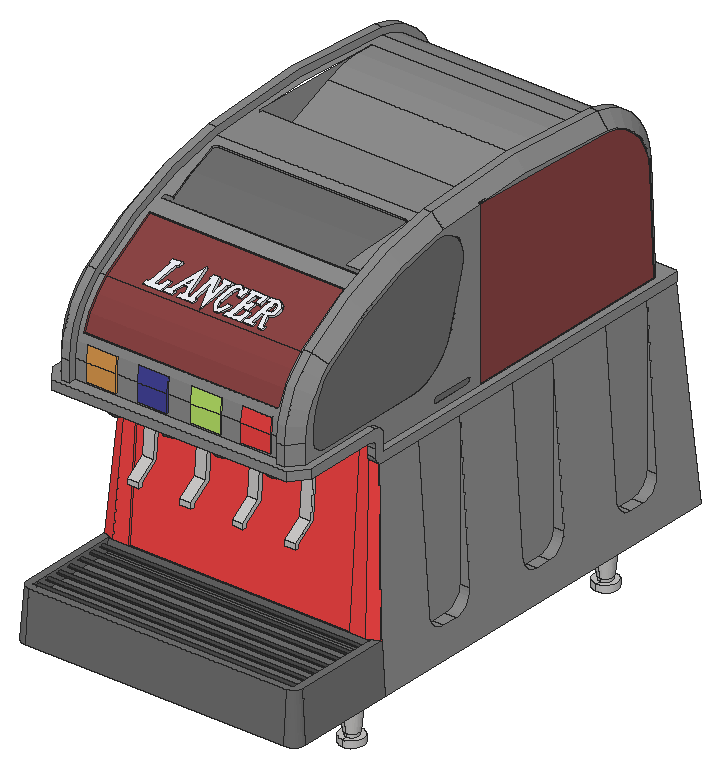
Revit family (continued)
Automatic sketch dimensions
  Split face 10 sketch curve to Split face 10 sketch curve = 0.05138"
  Split face 10 sketch curve to Split face 10 sketch curve = 0.17799"
  Split face 10 sketch curve to Split face 10 sketch curve = 0.38297"
  Split face 10 sketch curve to Split face 10 sketch curve = 0.62782"
  Split face 10 sketch curve to Split face 10 sketch curve = 0.03122"
  Split face 10 sketch curve to Split face 10 sketch curve = 0.11729"
  Split face 10 sketch curve to Split face 10 sketch curve = 0.14554"
  Split face 10 sketch curve to Split face 10 sketch curve = 0.27183"
  Split face 10 sketch curve to Split face 10 sketch curve = 0.00884"
  Split face 10 sketch curve to cut or joined group 1 (Extrusion 16, Sweep 17, Extrusion 18, Extrusion 19, Extrusion 20, Extrusion 21, Extrusion 22, Extrusion 26, Extrusion 27, Extrusion 28) = 4.52403"
  Split face 10 sketch curve to Split face 10 sketch curve = 0.02168"
  Split face 10 sketch curve to Split face 10 sketch curve = 0.12802"
  Split face 10 sketch curve to Split face 10 sketch curve = 0.11988"
  Split face 10 sketch curve to Split face 10 sketch curve = 0.04283"
  Split face 10 sketch curve to Split face 10 sketch curve = 0.32105"
  Split face 10 sketch curve to Split face 10 sketch curve = 0.19605"
  Split face 10 sketch curve to Split face 10 sketch curve = 0.44837"
  Split face 10 sketch curve to Split face 10 sketch curve = 0.29836"
  Split face 10 sketch curve to cut or joined group 1 = 4.3534"
  Split face 10 sketch curve to Split face 10 sketch curve = 0.033"
  Split face 10 sketch curve to Split face 10 sketch curve = 0.17554"
  Split face 10 sketch curve to Split face 10 sketch curve = 0.33232"
  Split face 10 sketch curve to Split face 10 sketch curve = 0.0109"
  Split face 10 sketch curve to cut or joined group 1 = 4.28449"
  Split face 10 sketch curve to Split face 10 sketch curve = 0.32778"
  Split face 10 sketch curve to Split face 10 sketch curve = 0.47246"
  Split face 10 sketch curve to Split face 10 sketch curve = 0.33504"
  Split face 10 sketch curve to Split face 10 sketch curve = 0.46275"
  Split face 10 sketch curve to Split face 10 sketch curve = 0.30456"
  Split face 10 sketch curve to Split face 10 sketch curve = 0.31631"
  Split face 10 sketch curve to Split face 10 sketch curve = 0.11216"
  Split face 10 sketch curve to Split face 10 sketch curve = 0.29744"
  Split face 10 sketch curve to Split face 10 sketch curve = 0.30039"
  Split face 10 sketch curve to Split face 10 sketch curve = 0.16993"
  Split face 10 sketch curve to Split face 10 sketch curve = 0.03616"
  Split face 10 sketch curve to Split face 10 sketch curve = 0.30267"
  Split face 10 sketch curve to Split face 10 sketch curve = 0.09026"
  Split face 10 sketch curve to Split face 10 sketch curve = 0.09036"
  Split face 10 sketch curve to Split face 10 sketch curve = 0.32094"
  Split face 11 sketch curve to cut or joined group 1 = 6.07236"
  Split face 11 sketch curve to Split face 11 sketch curve = 0.11682"
  Split face 11 sketch curve to Split face 11 sketch curve = 0.09973"
  Split face 11 sketch curve to Split face 11 sketch curve = 0.000"  (x10)
  Split face 11 sketch curve to Split face 11 sketch curve = 0.1248"
  Split face 11 sketch curve to Split face 11 sketch curve = 0.37582"
  Split face 11 sketch curve to Split face 11 sketch curve = 0.31794"
  Split face 11 sketch curve to Split face 11 sketch curve = 0.23574"
  Split face 11 sketch curve to Split face 11 sketch curve = 0.07578"
  Split face 11 sketch curve to Split face 11 sketch curve = 0.04367"
  Split face 11 sketch curve to Split face 11 sketch curve = 0.12494"
  Split face 11 sketch curve to Split face 11 sketch curve = 0.13453"
  Split face 11 sketch curve to Split face 11 sketch curve = 0.32706"
  Split face 11 sketch curve to Split face 11 sketch curve = 0.08642"
  Split face 11 sketch curve to Split face 11 sketch curve = 0.22205"
  Split face 11 sketch curve to Split face 11 sketch curve = 0.28024"
  Split face 11 sketch curve to Split face 11 sketch curve = 0.10078"
  Split face 11 sketch curve to Split face 11 sketch curve = 0.04506"
  Split face 11 sketch curve to Split face 11 sketch curve = 0.0492"
  Split face 11 sketch curve to Split face 11 sketch curve = 0.10147"
  Split face 11 sketch curve to Split face 11 sketch curve = 0.01661"
  Split face 11 sketch curve to Split face 11 sketch curve = 0.14309"
  Split face 11 sketch curve to Split face 11 sketch curve = 0.12933"
  Split face 11 sketch curve to Split face 11 sketch curve = 0.30349"
  Split face 11 sketch curve to Split face 11 sketch curve = 0.36985"
  Split face 11 sketch curve to Split face 11 sketch curve = 0.14876"
  Split face 11 sketch curve to Split face 11 sketch curve = 0.16729"
  Split face 11 sketch curve to Split face 11 sketch curve = 0.05507"
  Split face 11 sketch curve to Split face 11 sketch curve = 0.180"
  Split face 11 sketch curve to Split face 11 sketch curve = 0.27115"
  Split face 11 sketch curve to Split face 11 sketch curve = 0.30846"
  Split face 11 sketch curve to cut or joined group 1 = 2.71023"
  Split face 11 sketch curve to Split face 11 sketch curve = 4.08208"
  Split face 11 sketch curve to Split face 11 sketch curve = 0.49379"
  Split face 11 sketch curve to Split face 11 sketch curve = 0.02151"
  Split face 11 sketch curve to cut or joined group 1 = 3.46183"
  Split face 11 sketch curve to Split face 11 sketch curve = 0.00734"
  Split face 11 sketch curve to Split face 11 sketch curve = 0.14037"
  Split face 11 sketch curve to Split face 11 sketch curve = 0.11811"
  Split face 12 sketch curve to cut or joined group 1 = 2.23162"
  Split face 12 sketch curve to Split face 12 sketch curve = 0.12562"
  Split face 12 sketch curve to Split face 12 sketch curve = 0.06784"
  Split face 12 sketch curve to Split face 12 sketch curve = 0.21445"
  Split face 12 sketch curve to Split face 12 sketch curve = 0.30537"
  Split face 12 sketch curve to Split face 12 sketch curve = 0.05139"
  Split face 12 sketch curve to Split face 12 sketch curve = 0.17414"
  Split face 12 sketch curve to Split face 12 sketch curve = 0.23506"
  Split face 12 sketch curve to Split face 12 sketch curve = 0.44116"
  Split face 12 sketch curve to Split face 12 sketch curve = 0.08674"
  Split face 12 sketch curve to Split face 12 sketch curve = 0.10211"
  Split face 12 sketch curve to Split face 12 sketch curve = 0.40379"
  Split face 12 sketch curve to Split face 12 sketch curve = 0.37063"
  Split face 12 sketch curve to Split face 12 sketch curve = 0.44803"
  Split face 12 sketch curve to Split face 12 sketch curve = 0.15954"
  Split face 12 sketch curve to Split face 12 sketch curve = 0.15001"
  Split face 12 sketch curve to Split face 12 sketch curve = 0.3259"
  Split face 12 sketch curve to Split face 12 sketch curve = 0.02662"
  Split face 12 sketch curve to Split face 12 sketch curve = 0.08074"
  Split face 12 sketch curve to cut or joined group 1 = 3.77685"
  Split face 12 sketch curve to Split face 12 sketch curve = 0.03029"
  Split face 12 sketch curve to Split face 12 sketch curve = 0.69754"
  Split face 12 sketch curve to Split face 12 sketch curve = 0.09911"
  Split face 12 sketch curve to Split face 12 sketch curve = 0.11089"
  Split face 12 sketch curve to Split face 12 sketch curve = 0.19732"
  Split face 12 sketch curve to Split face 12 sketch curve = 0.71519"
  Split face 12 sketch curve to Split face 12 sketch curve = 0.51802"
  Split face 12 sketch curve to Split face 12 sketch curve = 0.49055"
  Split face 12 sketch curve to Split face 12 sketch curve = 0.33208"
  Split face 12 sketch curve to Split face 12 sketch curve = 0.10825"
  Split face 12 sketch curve to Split face 12 sketch curve = 0.1582"
  Split face 12 sketch curve to Split face 12 sketch curve = 0.34163"
  Split face 12 sketch curve to Split face 12 sketch curve = 0.15806"
  Split face 12 sketch curve to Split face 12 sketch curve = 0.0331"
  Split face 12 sketch curve to Split face 12 sketch curve = 0.11526"
  Split face 12 sketch curve to Split face 12 sketch curve = 0.31502"
  Split face 12 sketch curve to Split face 12 sketch curve = 0.000"
  Split face 12 sketch curve to Split face 12 sketch curve = 0.26374"
  Split face 12 sketch curve to Split face 12 sketch curve = 0.32373"
  Split face 12 sketch curve to Split face 12 sketch curve = 0.32547"
  Split face 12 sketch curve to Split face 12 sketch curve = 0.32724"
  Split face 12 sketch curve to Split face 12 sketch curve = 0.08101"
  Split face 12 sketch curve to Split face 12 sketch curve = 0.00585"
  Split face 12 sketch curve to Split face 12 sketch curve = 0.1035"
  Split face 12 sketch curve to Split face 12 sketch curve = 0.0546"
  Split face 12 sketch curve to Split face 12 sketch curve = 0.47681"
  Split face 12 sketch curve to Split face 12 sketch curve = 0.80481"
  Split face 12 sketch curve to Split face 12 sketch curve = 0.39246"
  Split face 12 sketch curve to Split face 12 sketch curve = 0.68048"
  Split face 12 sketch curve to Split face 12 sketch curve = 0.06067"
  Split face 12 sketch curve to Split face 12 sketch curve = 0.41118"
  Split face 12 sketch curve to Split face 12 sketch curve = 0.06289"
  Split face 12 sketch curve to Split face 12 sketch curve = 0.0541"
  Split face 12 sketch curve to Split face 12 sketch curve = 0.28906"
  Split face 12 sketch curve to Split face 12 sketch curve = 0.35012"
  Split face 13 sketch curve to cut or joined group 1 = 3.4859"
  Split face 13 sketch curve to Split face 13 sketch curve = 0.27199"
  Split face 13 sketch curve to cut or joined group 1 = 4.58937"
  Split face 13 sketch curve to Split face 13 sketch curve = 0.39365"
  Split face 14 sketch curve to cut or joined group 1 = 0.55633"
  Split face 14 sketch curve to Split face 14 sketch curve = 0.12562"
  Split face 14 sketch curve to Split face 14 sketch curve = 0.11642"
  Split face 14 sketch curve to Split face 14 sketch curve = 0.10968"
  Split face 14 sketch curve to Split face 14 sketch curve = 0.46984"
  Split face 14 sketch curve to cut or joined group 1 = 1.45181"
  Split face 14 sketch curve to Split face 14 sketch curve = 0.09372"
  Split face 14 sketch curve to Split face 14 sketch curve = 0.11271"  (x2)
  Split face 14 sketch curve to Split face 14 sketch curve = 0.22186"
  Split face 14 sketch curve to Split face 14 sketch curve = 0.36174"
  Split face 14 sketch curve to Split face 14 sketch curve = 0.45133"
  Split face 14 sketch curve to Split face 14 sketch curve = 0.10831"
  Split face 14 sketch curve to Split face 14 sketch curve = 0.48592"
  Split face 14 sketch curve to Split face 14 sketch curve = 0.21042"
  Split face 14 sketch curve to Split face 14 sketch curve = 0.11185"
  Split face 14 sketch curve to Split face 14 sketch curve = 0.34523"
  Split face 14 sketch curve to cut or joined group 1 = 3.46183"
  Split face 14 sketch curve to Split face 14 sketch curve = 0.32724"
  Split face 14 sketch curve to Split face 14 sketch curve = 0.000"
  Split face 14 sketch curve to Split face 14 sketch curve = 0.07359"
  Split face 14 sketch curve to Split face 14 sketch curve = 0.24862"
  Split face 14 sketch curve to Split face 14 sketch curve = 0.28215"
  Split face 14 sketch curve to Split face 14 sketch curve = 1.13118"
  Split face 14 sketch curve to Split face 14 sketch curve = 0.01368"
  Split face 14 sketch curve to Split face 14 sketch curve = 0.07659"
  Split face 14 sketch curve to Split face 14 sketch curve = 0.25751"
  Sweep 35 sketch curve to Sweep 35 sketch curve = 1.0363"
  Sweep 35 sketch curve to Sweep 35 sketch curve = 0.43089"
  plane 9 "Base Height" to Sweep 35 sketch curve = 7.24176"
  Sweep 35 sketch curve to Sweep 35 sketch curve = 0.19431"
  Sweep 35 sketch curve to Sweep 35 sketch curve = 0.69899"
  Sweep 35 sketch curve to Sweep 35 sketch curve = 4.29633"
  Sweep 35 sketch curve to profile plane = 0.000"  (x4)
  Sweep 35 sketch curve to Sweep 35 sketch curve = 0.1753"  (x3)
  Sweep 35 sketch curve to profile plane = 0.1753"
  plane 3 "LEFT" to Sweep 35 sketch curve = 3.28396"
  Sweep 35 sketch curve to Sweep 35 sketch curve = 0.600"  (x4)
  Sweep 35 sketch curve to Sweep 35 sketch curve = 2.300"  (x3)
  Extrusion 36 sketch curve to plane 6 "TOP" = 9.46422"
  Extrusion 36 sketch curve to Extrusion 36 sketch curve = 0.000"  (x3)
  Extrusion 36 sketch curve to Extrusion 36 sketch curve = 0.86805"  (x4)
  Revolve 37 sketch curve to Revolve 37 sketch curve = 0.41065"  (x2)
  Revolve 37 sketch curve to plane 6 "TOP" = 10.2228"
  Revolve 37 sketch curve to Revolve 37 sketch curve = 0.98481"
  Revolve 37 sketch curve to Revolve 37 sketch curve = 0.23117"
  Revolve 37 sketch curve to Revolve 37 sketch curve = 0.000"  (x2)
  Revolve 37 sketch curve to Revolve 37 sketch curve = 0.43522"
  Revolve 38 sketch curve to Revolve 38 sketch curve = 0.41065"  (x2)
  Revolve 38 sketch curve to plane 6 "TOP" = 10.2228"
  Revolve 38 sketch curve to Revolve 38 sketch curve = 0.98481"
  Revolve 38 sketch curve to Revolve 38 sketch curve = 0.23117"
  Revolve 38 sketch curve to Revolve 38 sketch curve = 0.000"  (x2)
  Revolve 38 sketch curve to Revolve 38 sketch curve = 0.43522"
  Revolve 39 sketch curve to Revolve 39 sketch curve = 0.41065"  (x2)
  Revolve 39 sketch curve to plane 6 "TOP" = 10.2228"
  Revolve 39 sketch curve to Revolve 39 sketch curve = 0.98481"
  Revolve 39 sketch curve to Revolve 39 sketch curve = 0.23117"
  Revolve 39 sketch curve to Revolve 39 sketch curve = 0.000"  (x2)
  Revolve 39 sketch curve to Revolve 39 sketch curve = 0.43522"
  Revolve 40 sketch curve to Revolve 40 sketch curve = 0.41065"  (x2)
  Revolve 40 sketch curve to plane 6 "TOP" = 10.2228"
  Revolve 40 sketch curve to Revolve 40 sketch curve = 0.98481"
  Revolve 40 sketch curve to Revolve 40 sketch curve = 0.23117"
  Revolve 40 sketch curve to Revolve 40 sketch curve = 0.000"  (x2)
  Revolve 40 sketch curve to Revolve 40 sketch curve = 0.43522"
  Extrusion 28 sketch curve to plane 4 "RIGHT" = 3.48393"
  Extrusion 28 sketch curve to plane 4 "RIGHT" = 2.67497"
  Extrusion 34 sketch curve to Extrusion 34 sketch curve = 0.07843"
  Extrusion 34 sketch curve to Extrusion 34 sketch curve = 0.21004"
  Extrusion 34 sketch curve to Extrusion 34 sketch curve = 0.12826"
  Extrusion 34 sketch curve to Extrusion 34 sketch curve = 0.29334"
  Extrusion 34 sketch curve to Extrusion 34 sketch curve = 0.1952"
  Extrusion 34 sketch curve to Extrusion 34 sketch curve = 0.02159"
  Extrusion 34 sketch curve to Extrusion 34 sketch curve = 0.11484"
  Extrusion 34 sketch curve to Extrusion 34 sketch curve = 0.21741"
  Extrusion 34 sketch curve to Extrusion 34 sketch curve = 0.3091"
  Extrusion 34 sketch curve to Extrusion 34 sketch curve = 0.85688"
  plane 7 "Center Y" to Extrusion 36 sketch curve = 1.05718"
  Extrusion 36 sketch curve to Extrusion 36 sketch curve = 0.95356"  (x4)
  Extrusion 36 sketch curve to Extrusion 36 sketch curve = 1.94644"  (x2)
  plane 3 "LEFT" to Extrusion 28 sketch curve = 3.23393"
  plane 3 "LEFT" to Extrusion 28 sketch curve = 2.67497"
  Extrusion 34 sketch curve to Extrusion 34 sketch curve = 0.32094"
  Extrusion 34 sketch curve to Extrusion 34 sketch curve = 0.41269"
  Extrusion 34 sketch curve to Extrusion 34 sketch curve = 0.05522"
  Extrusion 34 sketch curve to Extrusion 34 sketch curve = 0.09815"
  Extrusion 34 sketch curve to Extrusion 34 sketch curve = 0.5212"
  Extrusion 34 sketch curve to Extrusion 34 sketch curve = 0.10438"
  Extrusion 34 sketch curve to Extrusion 34 sketch curve = 0.24248"
  Extrusion 34 sketch curve to Extrusion 34 sketch curve = 0.05031"
  Extrusion 36 sketch curve to plane 7 "Center Y" = 0.88926"
  Sweep 17 sketch curve to profile plane = 0.000"  (x3)
  profile plane to Sweep 17 sketch curve = 0.74266"  (x2)
  Sweep 17 sketch curve to profile plane = 0.59266"
  Sweep 17 sketch curve to Sweep 17 sketch curve = 0.43767"  (x2)
  Sweep 17 sketch curve to Sweep 17 sketch curve = 11.52225"
  Sweep 17 sketch curve to Sweep 17 sketch curve = 0.59266"
  Revolve 2 sketch curve to plane 8 "Center X" = 6.3522"
  Revolve 4 sketch curve to plane 8 "Center X" = 6.3522"
  Sweep 6 sketch curve to Sweep 6 sketch curve = 5.12706"  (x2)
  Blend 7 sketch curve to Blend 7 sketch curve = 5.12706"
  Blend 7 sketch curve to Blend 7 sketch curve = 5.28706"
  Sweep 8 sketch curve to plane 5 "FRONT" = 6.17706"  (x2)
  Extrusion 9 sketch curve to plane 5 "FRONT" = 6.17706"
  Extrusion 10 sketch curve to plane 5 "FRONT" = 5.95309"
  Extrusion 13 sketch curve to plane 5 "FRONT" = 6.87124"
  Extrusion 14 sketch curve to plane 5 "FRONT" = 1.88766"
  Extrusion 14 sketch curve to Extrusion 14 sketch curve = 3.98372"
  Extrusion 15 sketch curve to Extrusion 15 sketch curve = 0.88095"
  Extrusion 16 sketch curve to Extrusion 16 sketch curve = 1.58566"
  Extrusion 18 sketch curve to Extrusion 18 sketch curve = 2.64347"
  Extrusion 18 sketch curve to Extrusion 18 sketch curve = 0.42524"
  Extrusion 18 sketch curve to Extrusion 18 sketch curve = 0.91744"
  Extrusion 19 sketch curve to Extrusion 19 sketch curve = 2.64347"
  Extrusion 19 sketch curve to Extrusion 19 sketch curve = 0.42524"
  Extrusion 19 sketch curve to Extrusion 19 sketch curve = 0.91744"
  Extrusion 22 sketch curve to plane 5 "FRONT" = 6.00671"
  Extrusion 22 sketch curve to plane 5 "FRONT" = 3.59237"
  Extrusion 24 sketch curve to plane 5 "FRONT" = 1.88766"
  Extrusion 24 sketch curve to Extrusion 24 sketch curve = 3.98372"
  Blend 25 sketch curve to plane 5 "FRONT" = 6.17706"
  Blend 25 sketch curve to plane 5 "FRONT" = 6.86352"
  Extrusion 26 sketch curve to plane 6 "TOP" = 2.28193"
  Extrusion 26 sketch curve to plane 5 "FRONT" = 6.40178"
  Extrusion 26 sketch curve to Extrusion 26 sketch curve = 0.39507"
  Extrusion 26 sketch curve to plane 5 "FRONT" = 3.4113"
  Extrusion 29 sketch curve to Extrusion 29 sketch curve = 3.09339"
  Extrusion 30 sketch curve to plane 5 "FRONT" = 1.63796"
  Extrusion 31 sketch curve to plane 5 "FRONT" = 1.63796"
  Extrusion 32 sketch curve to plane 5 "FRONT" = 1.63796"
  Extrusion 33 sketch curve to plane 5 "FRONT" = 1.63796"
  Sweep 35 sketch curve to plane 5 "FRONT" = 4.00259"
  Sweep 35 sketch curve to Sweep 35 sketch curve = 0.05501"
  Revolve 37 sketch curve to plane 5 "FRONT" = 2.92226"
  Revolve 37 sketch curve to Revolve 37 sketch curve = 0.500"
  Revolve 37 sketch curve to Revolve 37 sketch curve = 0.67365"
  Revolve 38 sketch curve to plane 5 "FRONT" = 2.92226"
  Revolve 38 sketch curve to Revolve 38 sketch curve = 0.500"
  Revolve 38 sketch curve to Revolve 38 sketch curve = 0.67365"
  Revolve 39 sketch curve to plane 5 "FRONT" = 2.92226"
  Revolve 39 sketch curve to Revolve 39 sketch curve = 0.500"
  Revolve 39 sketch curve to Revolve 39 sketch curve = 0.67365"
  Revolve 40 sketch curve to plane 5 "FRONT" = 2.92226"
  Revolve 40 sketch curve to Revolve 40 sketch curve = 0.500"
  Revolve 40 sketch curve to Revolve 40 sketch curve = 0.67365"
  Extrusion 34 sketch curve to Extrusion 34 sketch curve = 0.29312"
  Extrusion 34 sketch curve to Extrusion 34 sketch curve = 0.33891"
  Extrusion 34 sketch curve to Extrusion 34 sketch curve = 0.21726"
  Extrusion 34 sketch curve to Extrusion 34 sketch curve = 0.07082"
  Extrusion 34 sketch curve to Extrusion 34 sketch curve = 0.1035"
  Extrusion 34 sketch curve to Extrusion 34 sketch curve = 0.24215"
  Extrusion 34 sketch curve to Extrusion 34 sketch curve = 0.06525"
  Extrusion 34 sketch curve to Extrusion 34 sketch curve = 0.22351"
  Extrusion 34 sketch curve to Extrusion 34 sketch curve = 0.12636"
  Extrusion 41 sketch curve to Extrusion 41 sketch curve = 0.08218"  (x2)
  Extrusion 41 sketch curve to Extrusion 41 sketch curve = 0.07617"
  Extrusion 41 sketch curve to Extrusion 41 sketch curve = 0.07176"
  Extrusion 41 sketch curve to Extrusion 41 sketch curve = 0.30739"
  Extrusion 41 sketch curve to Extrusion 41 sketch curve = 0.06132"
  Extrusion 41 sketch curve to Extrusion 41 sketch curve = 0.07374"  (x2)
  Extrusion 41 sketch curve to Extrusion 41 sketch curve = 0.14515"
  Extrusion 41 sketch curve to Extrusion 41 sketch curve = 0.23667"
  Extrusion 41 sketch curve to Extrusion 41 sketch curve = 0.29528"
  Extrusion 41 sketch curve to Extrusion 41 sketch curve = 0.07086"
  Extrusion 41 sketch curve to Extrusion 41 sketch curve = 0.31791"
  Extrusion 41 sketch curve to Extrusion 41 sketch curve = 0.13767"
  Extrusion 41 sketch curve to Extrusion 41 sketch curve = 0.09549"
  Extrusion 41 sketch curve to Extrusion 41 sketch curve = 0.07318"
  Extrusion 41 sketch curve to Extrusion 41 sketch curve = 0.22586"
  Extrusion 41 sketch curve to Extrusion 41 sketch curve = 0.04439"
  Extrusion 41 sketch curve to Extrusion 41 sketch curve = 0.1403"
  Extrusion 41 sketch curve to Extrusion 41 sketch curve = 0.19979"
  Extrusion 41 sketch curve to Extrusion 41 sketch curve = 0.03362"
  Extrusion 41 sketch curve to Extrusion 41 sketch curve = 0.11393"
  Extrusion 41 sketch curve to Extrusion 41 sketch curve = 0.15379"
  Extrusion 41 sketch curve to Extrusion 41 sketch curve = 0.28862"
  Extrusion 41 sketch curve to Extrusion 41 sketch curve = 0.08623"
  Extrusion 41 sketch curve to Extrusion 41 sketch curve = 0.05675"
  Extrusion 41 sketch curve to Extrusion 41 sketch curve = 0.0668"
  Extrusion 41 sketch curve to Extrusion 41 sketch curve = 0.17795"
  Extrusion 41 sketch curve to Extrusion 41 sketch curve = 0.000"  (x18)
  Extrusion 41 sketch curve to Extrusion 41 sketch curve = 0.21322"
  Extrusion 41 sketch curve to Extrusion 41 sketch curve = 0.05282"
  Extrusion 41 sketch curve to Extrusion 41 sketch curve = 0.01982"
  Extrusion 41 sketch curve to Extrusion 41 sketch curve = 0.06484"
  Extrusion 41 sketch curve to Extrusion 41 sketch curve = 0.07255"
  Extrusion 41 sketch curve to Extrusion 41 sketch curve = 0.12909"
  Extrusion 41 sketch curve to Extrusion 41 sketch curve = 0.07643"
  Extrusion 41 sketch curve to Extrusion 41 sketch curve = 0.10341"
  Extrusion 41 sketch curve to Extrusion 41 sketch curve = 0.02165"
  Extrusion 41 sketch curve to Extrusion 41 sketch curve = 0.03562"
  Extrusion 41 sketch curve to Extrusion 41 sketch curve = 0.20801"
  Extrusion 41 sketch curve to Extrusion 41 sketch curve = 0.15423"
  Extrusion 41 sketch curve to Extrusion 41 sketch curve = 0.07541"
  Extrusion 41 sketch curve to Extrusion 41 sketch curve = 0.04958"
  Extrusion 41 sketch curve to Extrusion 41 sketch curve = 0.02857"
  Extrusion 41 sketch curve to Extrusion 41 sketch curve = 0.08174"
  Extrusion 41 sketch curve to Extrusion 41 sketch curve = 0.08801"
  Extrusion 41 sketch curve to Extrusion 41 sketch curve = 0.21398"
  Extrusion 41 sketch curve to Extrusion 41 sketch curve = 0.05654"
  Extrusion 41 sketch curve to Extrusion 41 sketch curve = 0.14527"
  Extrusion 41 sketch curve to Extrusion 41 sketch curve = 0.33588"
  Extrusion 41 sketch curve to Extrusion 41 sketch curve = 0.06594"
  Extrusion 41 sketch curve to Extrusion 41 sketch curve = 0.02948"
  Extrusion 41 sketch curve to Extrusion 41 sketch curve = 0.03219"
  Extrusion 41 sketch curve to Extrusion 41 sketch curve = 0.06639"
  Extrusion 41 sketch curve to Extrusion 41 sketch curve = 0.01087"
  Extrusion 41 sketch curve to Extrusion 41 sketch curve = 0.32826"
  Extrusion 41 sketch curve to Extrusion 41 sketch curve = 0.09361"
  Extrusion 41 sketch curve to Extrusion 41 sketch curve = 0.08461"
  Extrusion 41 sketch curve to Extrusion 41 sketch curve = 0.07944"  (x2)
  Extrusion 41 sketch curve to Extrusion 41 sketch curve = 0.03361"  (x2)
  Extrusion 41 sketch curve to Extrusion 41 sketch curve = 0.00691"
  Extrusion 41 sketch curve to Extrusion 41 sketch curve = 0.24197"
  Extrusion 41 sketch curve to Extrusion 41 sketch curve = 0.09733"
  Extrusion 41 sketch curve to Extrusion 41 sketch curve = 0.11645"  (x2)
  Extrusion 41 sketch curve to Extrusion 41 sketch curve = 0.10945"
  Extrusion 41 sketch curve to Extrusion 41 sketch curve = 0.03603"
  Extrusion 41 sketch curve to Extrusion 41 sketch curve = 0.11776"
  Extrusion 41 sketch curve to Extrusion 41 sketch curve = 0.1774"
  Extrusion 41 sketch curve to Extrusion 41 sketch curve = 0.2018"
  Extrusion 41 sketch curve to Extrusion 41 sketch curve = 0.25056"
  Extrusion 41 sketch curve to Extrusion 41 sketch curve = 0.05204"
  Extrusion 41 sketch curve to Extrusion 41 sketch curve = 0.02043"
  Extrusion 41 sketch curve to Extrusion 41 sketch curve = 0.1492"
  Extrusion 41 sketch curve to Extrusion 41 sketch curve = 0.09522"
  Extrusion 41 sketch curve to Extrusion 41 sketch curve = 0.17785"
  Extrusion 41 sketch curve to Extrusion 41 sketch curve = 0.00579"
  Extrusion 41 sketch curve to Extrusion 41 sketch curve = 0.01418"
  Extrusion 41 sketch curve to Extrusion 41 sketch curve = 0.08376"
  Extrusion 41 sketch curve to Extrusion 41 sketch curve = 0.02802"
  Extrusion 41 sketch curve to Extrusion 41 sketch curve = 0.07982"
  Extrusion 41 sketch curve to Extrusion 41 sketch curve = 0.00713"
  Extrusion 41 sketch curve to Extrusion 41 sketch curve = 0.00302"
  Extrusion 41 sketch curve to Extrusion 41 sketch curve = 0.2192"
  Extrusion 41 sketch curve to Extrusion 41 sketch curve = 0.2477"
  Extrusion 41 sketch curve to Extrusion 41 sketch curve = 0.30275"
  Extrusion 41 sketch curve to Extrusion 41 sketch curve = 0.04148"
  Extrusion 41 sketch curve to Extrusion 41 sketch curve = 0.0939"
  Extrusion 41 sketch curve to Extrusion 41 sketch curve = 0.13542"
  Extrusion 41 sketch curve to Extrusion 41 sketch curve = 0.14667"
  Extrusion 41 sketch curve to Extrusion 41 sketch curve = 0.11924"
  Extrusion 41 sketch curve to Extrusion 41 sketch curve = 0.03945"
  Extrusion 41 sketch curve to Extrusion 41 sketch curve = 0.07113"
  Extrusion 41 sketch curve to Extrusion 41 sketch curve = 0.01217"
  Extrusion 41 sketch curve to Extrusion 41 sketch curve = 0.25918"
  Extrusion 41 sketch curve to Extrusion 41 sketch curve = 0.21228"
  Extrusion 41 sketch curve to Extrusion 41 sketch curve = 0.05853"
  Extrusion 41 sketch curve to Extrusion 41 sketch curve = 0.07948"
  Extrusion 41 sketch curve to Extrusion 41 sketch curve = 0.19248"
  Extrusion 41 sketch curve to Extrusion 41 sketch curve = 0.03668"
  Extrusion 41 sketch curve to Extrusion 41 sketch curve = 0.06321"
  Extrusion 41 sketch curve to Extrusion 41 sketch curve = 0.03794"
  Extrusion 41 sketch curve to Extrusion 41 sketch curve = 0.20476"
  Extrusion 41 sketch curve to Extrusion 41 sketch curve = 0.06285"
  Extrusion 41 sketch curve to Extrusion 41 sketch curve = 0.14237"
  Extrusion 41 sketch curve to Extrusion 41 sketch curve = 0.34298"
  Extrusion 41 sketch curve to Extrusion 41 sketch curve = 0.32306"
  Extrusion 41 sketch curve to Extrusion 41 sketch curve = 0.01407"
  Extrusion 41 sketch curve to Extrusion 41 sketch curve = 0.31918"
  Extrusion 41 sketch curve to Extrusion 41 sketch curve = 0.49173"
  Extrusion 41 sketch curve to Extrusion 41 sketch curve = 0.17255"
  Extrusion 41 sketch curve to Extrusion 41 sketch curve = 0.19695"
  Extrusion 41 sketch curve to Extrusion 41 sketch curve = 0.19926"  (x2)
  Extrusion 41 sketch curve to Extrusion 41 sketch curve = 0.2061"
  Extrusion 41 sketch curve to Extrusion 41 sketch curve = 0.20694"  (x2)
  Extrusion 41 sketch curve to Extrusion 41 sketch curve = 0.2118"
  Extrusion 41 sketch curve to Extrusion 41 sketch curve = 0.21294"
  Extrusion 41 sketch curve to Extrusion 41 sketch curve = 0.21409"  (x3)
  Extrusion 41 sketch curve to Extrusion 41 sketch curve = 0.0048"
  Extrusion 41 sketch curve to Extrusion 41 sketch curve = 0.053"
  Extrusion 41 sketch curve to Extrusion 41 sketch curve = 0.04815"
  Extrusion 41 sketch curve to Extrusion 41 sketch curve = 0.00383"
  Extrusion 41 sketch curve to Extrusion 41 sketch curve = 0.07338"  (x2)
  Extrusion 41 sketch curve to Extrusion 41 sketch curve = 0.06772"
  Extrusion 41 sketch curve to Extrusion 41 sketch curve = 0.03572"
  Extrusion 41 sketch curve to Extrusion 41 sketch curve = 0.14436"
  Extrusion 41 sketch curve to Extrusion 41 sketch curve = 0.16266"
  Extrusion 41 sketch curve to Extrusion 41 sketch curve = 0.20988"
  Extrusion 41 sketch curve to Extrusion 41 sketch curve = 0.18259"
  Extrusion 41 sketch curve to Extrusion 41 sketch curve = 0.04509"
  Extrusion 41 sketch curve to Extrusion 41 sketch curve = 0.02529"
  Extrusion 41 sketch curve to Extrusion 41 sketch curve = 0.31195"
  Extrusion 41 sketch curve to Extrusion 41 sketch curve = 0.48256"
  Extrusion 41 sketch curve to Extrusion 41 sketch curve = 0.12784"
  Extrusion 41 sketch curve to Extrusion 41 sketch curve = 0.01456"
  Extrusion 41 sketch curve to Extrusion 41 sketch curve = 0.19653"
  Extrusion 41 sketch curve to Extrusion 41 sketch curve = 0.21698"
  Extrusion 41 sketch curve to Extrusion 41 sketch curve = 0.25754"
  Extrusion 41 sketch curve to Extrusion 41 sketch curve = 0.11118"
  Extrusion 41 sketch curve to Extrusion 41 sketch curve = 0.02366"
  Extrusion 41 sketch curve to Extrusion 41 sketch curve = 0.25676"
  Extrusion 41 sketch curve to Extrusion 41 sketch curve = 0.21744"
  Extrusion 41 sketch curve to Extrusion 41 sketch curve = 0.05862"
  Extrusion 41 sketch curve to Extrusion 41 sketch curve = 0.18923"
  Extrusion 41 sketch curve to Extrusion 41 sketch curve = 0.09225"
  Extrusion 41 sketch curve to Extrusion 41 sketch curve = 0.0397"
  Extrusion 41 sketch curve to Extrusion 41 sketch curve = 0.05905"
  Extrusion 41 sketch curve to Extrusion 41 sketch curve = 0.74007"
  Extrusion 41 sketch curve to Extrusion 41 sketch curve = 0.00895"
  Extrusion 41 sketch curve to Extrusion 41 sketch curve = 0.26901"
  Extrusion 41 sketch curve to Extrusion 41 sketch curve = 0.04115"
  Extrusion 41 sketch curve to Extrusion 41 sketch curve = 0.22786"
  Extrusion 41 sketch curve to Extrusion 41 sketch curve = 0.05911"
  Extrusion 41 sketch curve to Extrusion 41 sketch curve = 0.03539"
  Extrusion 41 sketch curve to Extrusion 41 sketch curve = 0.05011"
  Extrusion 41 sketch curve to Extrusion 41 sketch curve = 0.09184"
  Extrusion 41 sketch curve to Extrusion 41 sketch curve = 0.07727"
  Extrusion 41 sketch curve to Extrusion 41 sketch curve = 0.18911"
  Extrusion 41 sketch curve to Extrusion 41 sketch curve = 0.03623"
  Extrusion 41 sketch curve to Extrusion 41 sketch curve = 0.16847"
  Extrusion 41 sketch curve to Extrusion 41 sketch curve = 0.22907"
  Extrusion 41 sketch curve to Extrusion 41 sketch curve = 0.07843"
  Extrusion 41 sketch curve to Extrusion 41 sketch curve = 0.21004"
  Extrusion 41 sketch curve to Extrusion 41 sketch curve = 0.12826"
  Extrusion 41 sketch curve to Extrusion 41 sketch curve = 0.29334"
  Extrusion 41 sketch curve to Extrusion 41 sketch curve = 0.1952"
  Extrusion 41 sketch curve to Extrusion 41 sketch curve = 0.02159"
  Extrusion 41 sketch curve to Extrusion 41 sketch curve = 0.11484"
  Extrusion 41 sketch curve to Extrusion 41 sketch curve = 0.21741"
  Extrusion 41 sketch curve to Extrusion 41 sketch curve = 0.3091"
  Extrusion 41 sketch curve to Extrusion 41 sketch curve = 0.85688"
  Extrusion 41 sketch curve to Extrusion 41 sketch curve = 0.32094"
  Extrusion 41 sketch curve to Extrusion 41 sketch curve = 0.41269"
  Extrusion 41 sketch curve to Extrusion 41 sketch curve = 0.05522"
  Extrusion 41 sketch curve to Extrusion 41 sketch curve = 0.09815"
  Extrusion 41 sketch curve to Extrusion 41 sketch curve = 0.5212"
  Extrusion 41 sketch curve to Extrusion 41 sketch curve = 0.10438"
  Extrusion 41 sketch curve to Extrusion 41 sketch curve = 0.24248"
  Extrusion 41 sketch curve to Extrusion 41 sketch curve = 0.05031"
  Extrusion 41 sketch curve to Extrusion 41 sketch curve = 0.29312"
  Extrusion 41 sketch curve to Extrusion 41 sketch curve = 0.33891"
  Extrusion 41 sketch curve to Extrusion 41 sketch curve = 0.21726"
  Extrusion 41 sketch curve to Extrusion 41 sketch curve = 0.07082"
  Extrusion 41 sketch curve to Extrusion 41 sketch curve = 0.1035"
  Extrusion 41 sketch curve to Extrusion 41 sketch curve = 0.24215"
  Extrusion 41 sketch curve to Extrusion 41 sketch curve = 0.06525"
  Extrusion 41 sketch curve to Extrusion 41 sketch curve = 0.22351"
  Extrusion 41 sketch curve to Extrusion 41 sketch curve = 0.12636"
  curve 44 to curve 93 = 0.000"  (x2)
  curve 47 to curve 92 = 0.000"  (x2)
  plane 1 "BACK" to curve 7 = 0.000"
  curve 7 to plane 4 "RIGHT" = 0.000"
  curve 22 to plane 8 "Center X" = 0.000"
  curve 8 to plane 3 "LEFT" = 0.000"
  plane 5 "FRONT" to curve 46 = 0.000"
  curve 92 to plane 4 "RIGHT" = 0.00045"
  curve 69 to plane 4 "RIGHT" = 0.11318"
  curve 81 to plane 4 "RIGHT" = 0.11318"
  curve 76 to plane 4 "RIGHT" = 0.11318"
  curve 76 to plane 4 "RIGHT" = 0.18163"
  curve 74 to plane 4 "RIGHT" = 0.18163"
  curve 79 to curve 79 = 0.06845"
  curve 71 to plane 4 "RIGHT" = 0.18163"
  curve 69 to curve 69 = 0.06845"
  curve 80 to curve 81 = 0.06845"
  curve 74 to curve 73 = 0.00009"
  curve 76 to curve 77 = 0.00009"
  curve 79 to curve 78 = 0.00009"
  curve 69 to curve 69 = 0.00009"
  curve 76 to curve 76 = 0.00009"
  curve 79 to curve 79 = 0.00009"
  curve 81 to curve 81 = 0.00009"
  curve 68 to curve 69 = 0.000"
  curve 82 to curve 81 = 0.000"
  curve 71 to curve 71 = 0.00009"
  curve 72 to curve 71 = 0.000"
  curve 74 to curve 74 = 0.00009"
  curve 48 to plane 4 "RIGHT" = 0.18745"
  curve 47 to curve 51 = 0.37588"
  curve 50 to curve 92 = 0.11167"
  curve 72 to curve 72 = 0.48259"
  curve 14 to curve 37 = 0.39424"
  curve 92 to curve 38 = 0.65278"
  curve 16 to curve 20 = 0.59266"
  curve 20 to curve 37 = 0.000"
  curve 36 to curve 36 = 0.43767"
  curve 78 to curve 22 = 1.76469"
  curve 35 to curve 33 = 0.34013"
  curve 82 to curve 27 = 1.81486"
  curve 24 to curve 27 = 0.1958"
  curve 31 to curve 26 = 0.68781"
  curve 24 to curve 26 = 0.36712"
  plane 3 "LEFT" to curve 30 = 3.23393"
  curve 30 to curve 29 = 0.36712"
  plane 3 "LEFT" to curve 23 = 2.67497"
  curve 28 to curve 28 = 0.1958"
  plane 3 "LEFT" to curve 32 = 2.42901"
  plane 3 "LEFT" to curve 91 = 2.42901"
  plane 3 "LEFT" to curve 86 = 2.08888"
  curve 83 to curve 87 = 0.43767"
  curve 83 to curve 85 = 0.43767"
  curve 85 to curve 90 = 0.000"
  curve 90 to curve 40 = 0.32342"
  curve 90 to curve 85 = 0.59266"
  plane 3 "LEFT" to curve 53 = 0.66452"
  curve 93 to plane 5 "FRONT" = 0.00045"
  plane 3 "LEFT" to curve 93 = 0.675"
  curve 12 to curve 11 = 0.00021"
  curve 44 to curve 49 = 0.11167"
  plane 3 "LEFT" to curve 93 = 0.00045"
  curve 44 to curve 93 = 0.187"
  plane 3 "LEFT" to curve 62 = 0.18172"
  plane 3 "LEFT" to curve 63 = 0.18172"
  plane 3 "LEFT" to curve 66 = 0.18172"
  curve 64 to curve 63 = 0.000"
  curve 61 to curve 62 = 0.000"
  plane 3 "LEFT" to curve 59 = 0.18172"
  plane 3 "LEFT" to curve 53 = 0.18172"
  plane 3 "LEFT" to curve 55 = 0.18172"
  curve 58 to curve 59 = 0.000"
  curve 57 to curve 55 = 0.000"
  curve 67 to curve 66 = 0.000"
  curve 53 to curve 54 = 0.000"
  plane 3 "LEFT" to curve 66 = 0.18163"
  curve 55 to curve 55 = 0.00009"
  plane 3 "LEFT" to curve 64 = 0.18163"
  curve 59 to curve 59 = 0.00009"
  plane 3 "LEFT" to curve 61 = 0.18163"
  curve 54 to curve 54 = 0.00009"
  curve 64 to curve 65 = 0.06845"
  curve 55 to curve 55 = 0.06845"
  curve 61 to curve 61 = 0.06845"
  plane 1 "BACK" to curve 10 = 0.66431"
  curve 11 to curve 12 = 0.000"
  curve 12 to curve 90 = 0.43125"
  curve 10 to curve 20 = 0.43125"
  curve 90 to curve 85 = 0.000"
  curve 83 to curve 19 = 0.39116"
  curve 17 to curve 16 = 0.74164"
  curve 90 to curve 84 = 0.74164"
  curve 84 to curve 67 = 0.95042"
  curve 16 to curve 68 = 0.95042"
  curve 68 to curve 69 = 0.00013"
  curve 67 to curve 66 = 0.00013"
  curve 69 to curve 69 = 0.98521"
  curve 66 to curve 65 = 0.98521"
  curve 69 to curve 69 = 0.01596"
  curve 65 to curve 66 = 0.01596"
  curve 69 to curve 71 = 0.8724"
  curve 66 to curve 64 = 0.8724"
  curve 64 to curve 64 = 0.01596"
  curve 71 to curve 70 = 0.01596"
  curve 64 to curve 64 = 0.98521"
  curve 70 to curve 71 = 0.98521"
  curve 71 to curve 72 = 0.00013"
  curve 64 to curve 63 = 0.00013"
  curve 63 to curve 91 = 0.60475"
  curve 89 to curve 73 = 3.02025"
  curve 63 to curve 62 = 3.625"
  curve 62 to curve 61 = 0.00013"
  curve 73 to curve 74 = 0.00013"
  curve 74 to curve 75 = 0.98521"
  curve 61 to curve 61 = 0.98521"
  curve 60 to curve 61 = 0.01596"
  curve 74 to curve 74 = 0.01596"
  curve 61 to curve 59 = 0.8724"
  curve 74 to curve 76 = 0.8724"
  curve 76 to curve 76 = 0.01596"
  curve 59 to curve 60 = 0.01596"
  curve 59 to curve 59 = 0.98521"
  curve 75 to curve 76 = 0.98521"
  curve 59 to curve 58 = 0.00013"
  curve 76 to curve 77 = 0.00013"
  curve 57 to plane 8 "Center X" = 1.75062"
  curve 78 to plane 8 "Center X" = 1.75062"
  curve 57 to curve 55 = 0.00013"
  curve 78 to curve 79 = 0.00013"
  curve 79 to curve 80 = 0.98521"
  curve 55 to curve 56 = 0.98521"
  curve 79 to curve 79 = 0.01596"
  curve 55 to curve 55 = 0.01596"
  curve 57 to curve 28 = 1.40959"
  curve 23 to curve 28 = 0.200"
  curve 23 to curve 27 = 0.200"
  curve 55 to curve 54 = 0.8724"
  curve 79 to curve 81 = 0.8724"
  curve 81 to curve 81 = 0.01596"
  curve 54 to curve 54 = 0.01596"
  curve 54 to curve 54 = 0.98521"
  curve 81 to curve 81 = 0.98521"
  curve 54 to curve 53 = 0.00013"
  curve 81 to curve 82 = 0.00013"
  curve 53 to curve 30 = 1.75959"
  curve 27 to curve 26 = 3.025"
  curve 30 to curve 30 = 0.07648"
  curve 29 to curve 41 = 0.91153"
  curve 24 to curve 52 = 0.91174"
  curve 52 to curve 51 = 0.10302"
  curve 41 to curve 49 = 0.10323"
  curve 25 to curve 32 = 0.89636"
  curve 16 to curve 92 = 1.33171"
  curve 84 to curve 93 = 1.33171"
  curve 16 to curve 38 = 0.11905"
  curve 84 to curve 13 = 0.11932"
  curve 84 to curve 32 = 0.15579"
  curve 33 to curve 35 = 0.19421"
  curve 35 to curve 37 = 0.39266"
  curve 35 to curve 87 = 0.39266"
  curve 90 to curve 87 = 0.000"
  curve 36 to curve 20 = 0.000"
  curve 90 to curve 40 = 0.25734"
  curve 44 to curve 50 = 0.11167"
  plane 3 "LEFT" to curve 46 = 0.675"
  curve 8 to curve 93 = 0.000"
  curve 9 to plane 5 "FRONT" = 0.675"
  curve 46 to curve 92 = 0.000"
  Extrusion 42 sketch curve to plane 7 "Center Y" = 0.000"
  plane 9 "Base Height" to Extrusion 42 sketch curve = 0.37889"
  Split face 15 sketch curve to cut or joined group of Sweep 8, Extrusion 9, Extrusion 10, Extrusion 11, Extrusion 12 = 4.91394"
  Split face 15 sketch curve to cut or joined group of Sweep 8, Extrusion 9, Extrusion 10, Extrusion 11, Extrusion 12 = 7.0187"
  Split face 16 sketch curve to cut or joined group of Sweep 8, Extrusion 9, Extrusion 10, Extrusion 11, Extrusion 12 = 4.9265"
  Split face 16 sketch curve to cut or joined group of Sweep 8, Extrusion 9, Extrusion 10, Extrusion 11, Extrusion 12 = 6.89547"
  Split face 17 sketch curve to cut or joined group of Sweep 8, Extrusion 9, Extrusion 10, Extrusion 11, Extrusion 12 = 4.94487"
  Split face 17 sketch curve to cut or joined group of Sweep 8, Extrusion 9, Extrusion 10, Extrusion 11, Extrusion 12 = 6.04273"
  radius of Extrusion 23 sketch curve = 0.100"  (x7)
  radius of Extrusion 42 sketch curve = 0.125"
  radius of Split face 15 sketch curve = 0.04003"
  radius of Split face 16 sketch curve = 0.04003"
  radius of Split face 17 sketch curve = 0.04003"
Connectors (in)
  electrical at (7.85, 0, 4.32989), driven by "Volts", driven by "Watts"
    settings: on Extrusion 42, index 1, voltage 220 V, apparent load 0 VA, apparent load phase1 0 VA, apparent load phase2 0 VA, apparent load phase3 0 VA, power factor 1, load classification "Other", number of poles 1, system type 30, power factor state 1, is connector primary yes, connector utility no, sub classification motor no, connector description "Electrical Connection"
  piping at (9.21698, -0.42618, 10.16897)
    settings: on cut or joined group of Sweep 8, Extrusion 9, Extrusion 10, Extrusion 11, Extrusion 12, index 2, connector radius 1/8", flow factor 0, pipe flow 0 GPM, pressure drop 0.00 psi, fitting loss kfactor 0, connector angle 0.00°, fixture units 0, flow configuration 1, flow direction 1, fitting loss method 0, system type 7, connector reference index -1, connector utility 0, adjustable connector no, is connector primary yes, fitting loss table "", connector description "CO2 inlet"
  piping at (8.23661, -0.4283, 10.19982)
    settings: on cut or joined group of Sweep 8, Extrusion 9, Extrusion 10, Extrusion 11, Extrusion 12, index 3, connector radius 1/8", flow factor 0, pipe flow 0 GPM, pressure drop 0.00 psi, fitting loss kfactor 0, connector angle 0.00°, fixture units 0, flow configuration 1, flow direction 1, fitting loss method 0, system type 7, connector reference index -1, connector utility 0, adjustable connector no, is connector primary no, fitting loss table "", connector description "Syrup inlet"
  piping at (7.33901, -0.42744, 10.18729)
    settings: on cut or joined group of Sweep 8, Extrusion 9, Extrusion 10, Extrusion 11, Extrusion 12, index 4, connector radius 0.156", flow factor 0, pipe flow 0 GPM, pressure drop 0.00 psi, fitting loss kfactor 0, connector angle 0.00°, fixture units 0, flow configuration 1, flow direction 1, fitting loss method 0, system type 20, connector reference index -1, connector utility 0, adjustable connector no, is connector primary no, fitting loss table "", connector description "water inlet"
